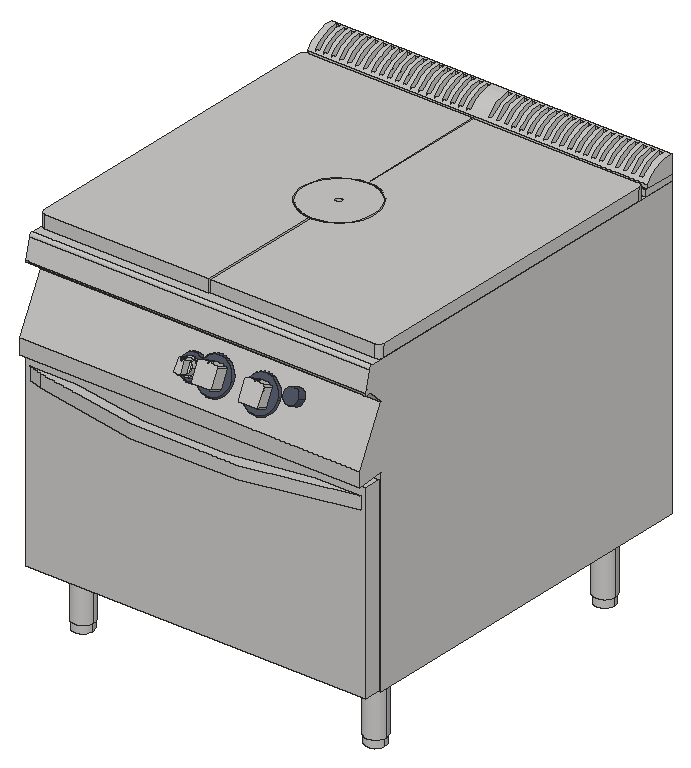
Revit family "QF_ZANUSSI_392019_Z9STGH10G0", category Specialty Equipment, Revit 2018
Family settings
  Round Connector Dimension = Use Diameter
  Part Type = Normal
  Work Plane-Based = No
  Always vertical = Yes
  Cut with Voids When Loaded = No
  Shared = No
  Room Calculation Point = No
Parameters
  Width = 800 mm  # constant formula
  Weight in Pounds = 171  # constant formula
  Weight = 0.00 kg
  Watts = 0 W
  Volts = 0 V
  URL Manufacturer = "http://www.zanussiprofessional.com"
  URL Cutsheet = "www.electrolux.com"
  URL = "http://www.zanussiprofessional.com"
  Type Mark [instance] = ""
  Steam Supply Size = 0"
  Steam Supply Minimum Pressure = 0.00 psi
  Steam Supply Maximum Pressure = 0.00 psi
  Steam Pounds per Hour = 0
  Status [instance] = ""
  Specification by User [instance] = ""
  Specification by Manufacturer = ""
  Show Logo [instance] = yes
  Show Clearance [instance] = yes
  Serial Number = ""
  Seismic Rating = ""
  SMACNA No = ""
  Revision Code [instance] = ""
  Refrigeration Suction Line Size = 0"
  Refrigeration Liquid Line Size = 0"
  Refrigerant Compressor Remote = yes
  Phase = 0
  Omniclass Number and Title = ""
  NAFEM Spec ID Number = ""
  Model = "Z9STGH10G0"
  Mechanical Remarks [instance] = ""
  Mechanical Connection Type [instance] = ""
  Masterspec = ""
  Manufacturer = "Zanussi"
  Length Actual = 800 mm  # constant formula
  Item Number [instance] = "392019"
  Installed By [instance] = ""
  Identify Quantity as Lot [instance] = yes
  Hot Water Size = 0"
  Height Actual = 850 mm  # constant formula
  Height = 908 mm  # constant formula
  HP = "0 HP"
  Gas Size = 1/2"  # constant formula
  Gas RI Height [instance] = 0 mm
  Gas KW [instance] = 19  # constant formula
  Gas Input [instance] = 0.637167 Btu/h
  Gas Connection Height = 0 mm
  Furnished By [instance] = ""
  Foodservice Equipment Identifier [instance] = yes
  Direct Waste Size = 0"
  Description = "GAS SOLID TOP + OVEN 800 MM"
  Depth Actual = 900 mm  # constant formula
  Depth = 900 mm  # constant formula
  Cycle = 0 Hz
  Condensate Return Size = 0"
  Compressed Air Volume = 0 GPM
  Compressed Air Size = 0"
  Compressed Air Pressure = 0.00 psi
  Cold Water Size = 0"
  CSI MasterFormat = ""
  CSI Master Format = ""
  Assembly Code = ""
  Accessory = yes
Reference planes
  plane 1 "BACK": y = 0
  plane 2: z = 0
  plane 3 "LEFT": x = 0
  plane 4 "RIGHT": x = 800
  plane 5 "FRONT": y = -915
  plane 6 "TOP": z = 909
  plane 7 "Center Y": x = 400
  plane 8 "Center X": y = -457.5
  plane 9 "Base": z = 150
  plane 10: z = 850.85
  plane 11: y = -1030
  plane 12: y = -1309
  plane 13: x = 56
  plane 14: x = 744
  plane 15: y = -126
  plane 16: y = -800
  plane 17: x = 780.125
  plane 18: x = 19.875
  plane 19: y = -664
Forms (mm)
  Revolve 1, solid, material "QF_Finishes_Stainless Steel"
    sketch origin (1, -126, 0) x (1, 0, 0) y (0, 0, 1)
      loop
        line (55, 0) -> (55, 150) -> (29.6, 150) -> (29.6, 19.05) -> (32.1, 19.05) -> (32.1, 0) -> (55, 0)
      axis (55, 0) -> (55, 150)
    angle from 0 to 360
  Revolve 2, solid, material "QF_Finishes_Stainless Steel"
    sketch origin (1, -800, 0) x (1, 0, 0) y (0, 0, 1)
      loop
        line (55, 0) -> (55, 150) -> (29.6, 150) -> (29.6, 19.05) -> (32.1, 19.05) -> (32.1, 0) -> (55, 0)
      axis (55, 0) -> (55, 150)
    angle from 0 to 360
  Revolve 3, solid, material "QF_Finishes_Stainless Steel"
    sketch origin (799, -126, 0) x (-1, 0, 0) y (0, 0, -1)
      loop
        line (55, 0) -> (32.1, 0) -> (32.1, -19.05) -> (29.6, -19.05) -> (29.6, -150) -> (55, -150) -> (55, 0)
      axis (55, 0) -> (55, -150)
    angle from 0 to 360
  Revolve 4, solid, material "QF_Finishes_Stainless Steel"
    sketch origin (799, -800, 0) x (-1, 0, 0) y (0, 0, -1)
      loop
        line (55, 0) -> (32.1, 0) -> (32.1, -19.05) -> (29.6, -19.05) -> (29.6, -150) -> (55, -150) -> (55, 0)
      axis (55, 0) -> (55, -150)
    angle from 0 to 360
  Extrusion 5, solid, material "QF_Finishes_Stainless Steel"
    sketch origin (0, 0, 0) x (0, 1, 0) y (0, 0, 1)
      loop
        line (0, 850) -> (-879.358, 850)
        arc (-879.358, 850) -> (-884.643, 847.811) -> (-886.833, 842.526) r 7.474
        line (-886.833, 842.526) -> (-899.884, 797.011)
        arc (-899.884, 797.011) -> (-899.396, 794.379) -> (-897, 793.184) r 3
        line (-897, 793.184) -> (-886.802, 793.184) -> (-854.982, 761.364) -> (-915, 640.508) -> (-915, 605.508) -> (-858.645, 613.428)
        arc (-858.645, 613.428) -> (-856.101, 612.674) -> (-855, 610.259) r 3.2
        line (-855, 610.259) -> (-855, 150) -> (0, 150) -> (0, 850)
      loop
        line (-900, 600) -> (-900, 155) -> (-860, 155) -> (-860, 600) -> (-900, 600)
    from 0 to 800
  Extrusion 6, solid, material "QF_Finishes_Stainless Steel"
    sketch origin (0, 0, 576.213) x (0, 1, 0) y (0, 0, 1)
      loop
        line (0, 274.638) -> (0, 288.925) -> (-76.2, 288.925) -> (-76.2, 274.638) -> (0, 274.638)
    from 0 to 800
  Extrusion 7, void
    sketch origin (34.989, 0, 865.138) x (-1, 0, 0) y (0, -1, 0)
      loop
        line (-335.017, 6.761) -> (-335.017, 63.911) -> (-344.313, 63.911) -> (-344.313, 6.761) -> (-335.017, 6.761)
      loop
        line (-316.325, 6.761) -> (-316.325, 63.911) -> (-325.62, 63.911) -> (-325.62, 6.761) -> (-316.325, 6.761)
      loop
        line (-297.632, 6.761) -> (-297.632, 63.911) -> (-306.928, 63.911) -> (-306.928, 6.761) -> (-297.632, 6.761)
      loop
        line (-278.94, 6.761) -> (-278.94, 63.911) -> (-288.235, 63.911) -> (-288.235, 6.761) -> (-278.94, 6.761)
      loop
        line (-260.247, 6.761) -> (-260.247, 63.911) -> (-269.543, 63.911) -> (-269.543, 6.761) -> (-260.247, 6.761)
      loop
        line (-241.554, 6.761) -> (-241.554, 63.911) -> (-250.85, 63.911) -> (-250.85, 6.761) -> (-241.554, 6.761)
      loop
        line (-222.862, 6.761) -> (-222.862, 63.911) -> (-232.157, 63.911) -> (-232.157, 6.761) -> (-222.862, 6.761)
      loop
        line (-204.169, 6.761) -> (-204.169, 63.911) -> (-213.465, 63.911) -> (-213.465, 6.761) -> (-204.169, 6.761)
      loop
        line (-185.476, 6.761) -> (-185.476, 63.911) -> (-194.772, 63.911) -> (-194.772, 6.761) -> (-185.476, 6.761)
      loop
        line (-166.784, 6.761) -> (-166.784, 63.911) -> (-176.08, 63.911) -> (-176.08, 6.761) -> (-166.784, 6.761)
      loop
        line (-148.091, 6.761) -> (-148.091, 63.911) -> (-157.387, 63.911) -> (-157.387, 6.761) -> (-148.091, 6.761)
      loop
        line (-129.399, 6.761) -> (-129.399, 63.911) -> (-138.694, 63.911) -> (-138.694, 6.761) -> (-129.399, 6.761)
      loop
        line (-110.706, 6.761) -> (-110.706, 63.911) -> (-120.002, 63.911) -> (-120.002, 6.761) -> (-110.706, 6.761)
      loop
        line (-92.013, 6.761) -> (-92.013, 63.911) -> (-101.309, 63.911) -> (-101.309, 6.761) -> (-92.013, 6.761)
      loop
        line (-73.321, 6.761) -> (-73.321, 63.911) -> (-82.617, 63.911) -> (-82.617, 6.761) -> (-73.321, 6.761)
      loop
        line (-54.628, 6.761) -> (-54.628, 63.911) -> (-63.924, 63.911) -> (-63.924, 6.761) -> (-54.628, 6.761)
      loop
        line (-35.936, 6.761) -> (-35.936, 63.911) -> (-45.231, 63.911) -> (-45.231, 6.761) -> (-35.936, 6.761)
      loop
        line (-17.243, 6.761) -> (-17.243, 63.911) -> (-26.539, 63.911) -> (-26.539, 6.761) -> (-17.243, 6.761)
      loop
        line (1.45, 6.761) -> (1.45, 63.911) -> (-7.846, 63.911) -> (-7.846, 6.761) -> (1.45, 6.761)
      loop
        line (20.142, 6.761) -> (20.142, 63.911) -> (10.846, 63.911) -> (10.846, 6.761) -> (20.142, 6.761)
      loop
        line (-395.005, 6.761) -> (-385.709, 6.761) -> (-385.709, 63.911) -> (-395.005, 63.911) -> (-395.005, 6.761)
      loop
        line (-413.697, 6.761) -> (-404.401, 6.761) -> (-404.401, 63.911) -> (-413.697, 63.911) -> (-413.697, 6.761)
      loop
        line (-432.39, 6.761) -> (-423.094, 6.761) -> (-423.094, 63.911) -> (-432.39, 63.911) -> (-432.39, 6.761)
      loop
        line (-451.082, 6.761) -> (-441.787, 6.761) -> (-441.787, 63.911) -> (-451.082, 63.911) -> (-451.082, 6.761)
      loop
        line (-469.775, 6.761) -> (-460.479, 6.761) -> (-460.479, 63.911) -> (-469.775, 63.911) -> (-469.775, 6.761)
      loop
        line (-488.468, 6.761) -> (-479.172, 6.761) -> (-479.172, 63.911) -> (-488.468, 63.911) -> (-488.468, 6.761)
      loop
        line (-507.16, 6.761) -> (-497.864, 6.761) -> (-497.864, 63.911) -> (-507.16, 63.911) -> (-507.16, 6.761)
      loop
        line (-525.853, 6.761) -> (-516.557, 6.761) -> (-516.557, 63.911) -> (-525.853, 63.911) -> (-525.853, 6.761)
      loop
        line (-544.545, 6.761) -> (-535.25, 6.761) -> (-535.25, 63.911) -> (-544.545, 63.911) -> (-544.545, 6.761)
      loop
        line (-563.238, 6.761) -> (-553.942, 6.761) -> (-553.942, 63.911) -> (-563.238, 63.911) -> (-563.238, 6.761)
      loop
        line (-581.931, 6.761) -> (-572.635, 6.761) -> (-572.635, 63.911) -> (-581.931, 63.911) -> (-581.931, 6.761)
      loop
        line (-600.623, 6.761) -> (-591.328, 6.761) -> (-591.328, 63.911) -> (-600.623, 63.911) -> (-600.623, 6.761)
      loop
        line (-619.316, 6.761) -> (-610.02, 6.761) -> (-610.02, 63.911) -> (-619.316, 63.911) -> (-619.316, 6.761)
      loop
        line (-638.008, 6.761) -> (-628.713, 6.761) -> (-628.713, 63.911) -> (-638.008, 63.911) -> (-638.008, 6.761)
      loop
        line (-656.701, 6.761) -> (-647.405, 6.761) -> (-647.405, 63.911) -> (-656.701, 63.911) -> (-656.701, 6.761)
      loop
        line (-675.394, 6.761) -> (-666.098, 6.761) -> (-666.098, 63.911) -> (-675.394, 63.911) -> (-675.394, 6.761)
      loop
        line (-694.086, 6.761) -> (-684.791, 6.761) -> (-684.791, 63.911) -> (-694.086, 63.911) -> (-694.086, 6.761)
      loop
        line (-712.779, 6.761) -> (-703.483, 6.761) -> (-703.483, 63.911) -> (-712.779, 63.911) -> (-712.779, 6.761)
      loop
        line (-731.472, 6.761) -> (-722.176, 6.761) -> (-722.176, 63.911) -> (-731.472, 63.911) -> (-731.472, 6.761)
      loop
        line (-750.164, 6.761) -> (-740.868, 6.761) -> (-740.868, 63.911) -> (-750.164, 63.911) -> (-750.164, 6.761)
    from 9.525 to 45.348
  Extrusion 8, solid, material "QF_Finishes_Stainless Steel"
    sketch origin (0, 0, 590.5) x (0, 1, 0) y (0, 0, 1)
      loop
        line (0, 274.638) -> (0, 318.5)
        arc (0, 318.5) -> (-39.107, 309.837) -> (-69.85, 284.162) r 84.633
        line (-69.85, 284.162) -> (-69.85, 274.638) -> (0, 274.638)
    from 0 to 800
  Extrusion 9, solid, material "QF_Finishes_Stainless Steel"
    sketch origin (0, 0, 850.85) x (0, -1, 0) y (1, 0, 0)
      loop
        arc (82.3, 12.7) -> (86.02, 3.72) -> (95, 0) r 12.7
        line (95, 0) -> (844.471, 0)
        arc (844.471, 0) -> (853.451, 3.72) -> (857.171, 12.7) r 12.7
        line (857.171, 12.7) -> (857.171, 398.413) -> (562.874, 398.413)
        arc (562.874, 398.413) -> (477.319, 314.787) -> (391.918, 398.571) r 85.497
        line (391.918, 398.571) -> (82.3, 398.571) -> (82.3, 12.7)
      loop
        arc (857.171, 787.3) -> (853.451, 796.28) -> (844.471, 800) r 12.7
        line (844.471, 800) -> (95, 800)
        arc (95, 800) -> (86.02, 796.28) -> (82.3, 787.3) r 12.7
        line (82.3, 787.3) -> (82.3, 401.528) -> (391.912, 401.528)
        arc (391.912, 401.528) -> (477.639, 485.459) -> (562.891, 401.047) r 85.5
        line (562.891, 401.047) -> (857.171, 401.047) -> (857.171, 787.3)
      loop
        circle (477.399, 400) r 82.6
      loop
        circle (477.399, 400) r 7
    from 0 to 28.575
  Extrusion 10, solid, material "QF_Finishes_Stainless Steel"
    sketch origin (0, -852.093, 150) x (1, 0, 0) y (0, -1, 0)
      loop
        circle (747.612, -188.093) r 6.4
    from 0 to 21
  Extrusion 11, solid, material "QF_Clearances", visible <- "Show Clearance", detail levels coarse
    sketch origin (0, 0, 0) x (1, 0, 0) y (0, 1, 0)
      loop
        line (-100, -915) -> (0, -915) -> (0, 0) -> (800, 0) -> (800, -915) -> (900, -915) -> (900, 100) -> (-100, 100) -> (-100, -915)
    from 0 to 908
  Blend 12, solid, material "QF_Finishes_Navy Blue"
    base sketch origin (435.05, -884.991, 700.936) x (1, 0, 0) y (0, 0.444781, 0.895639)
      loop
        arc (-35.05, -24.037) -> (42.5, 0) -> (-35.05, 24.037) r 42.5
        arc (-35.05, 24.037) -> (-83, 0) -> (-35.05, -24.037) r 30
    top sketch origin (435.05, -884.991, 700.936) x (1, 0, 0) y (0, 0.444781, 0.895639)
      loop
        arc (-34.578, -21.086) -> (40.5, 0) -> (-34.578, 21.086) r 40.5
        arc (-34.578, 21.086) -> (-81, 0) -> (-34.578, -21.086) r 28
    from 0 to 5
  Extrusion 13, solid, material "QF_Finishes_Stainless Steel"
    sketch origin (202.55, -884.991, 700.936) x (1, 0, 0) y (0, 0.444781, 0.895639)
      loop
        circle (177.499, -0.341) r 20
    from 5 to 10
  Extrusion 14, solid, material "QF_Finishes_Stainless Steel"
    sketch origin (202.55, -884.991, 700.936) x (1, 0, 0) y (0, 0.444781, 0.895639)
      loop
        arc (211.353, 22.789) -> (210.006, 21.685) -> (209.5, 20.019) r 2.997
        line (209.5, 20.019) -> (209.5, -20.019)
        arc (209.5, -20.019) -> (210.378, -22.138) -> (212.497, -23.016) r 2.997
        line (212.497, -23.016) -> (252.503, -23.016)
        arc (252.503, -23.016) -> (254.622, -22.138) -> (255.5, -20.019) r 2.997
        line (255.5, -20.019) -> (255.5, 20.019)
        arc (255.5, 20.019) -> (254.994, 21.685) -> (253.647, 22.789) r 2.997
        arc (253.647, 22.789) -> (232.5, 26.984) -> (211.353, 22.789) r 55.4
    from 5 to 34
  Extrusion 15, solid, material "QF_Finishes_Stainless Steel"
    sketch origin (202.55, -884.991, 700.936) x (1, 0, 0) y (0, 0.444781, 0.895639)
      loop
        circle (177.499, -0.341) r 16
    from 10 to 40
  Extrusion 16, void
    sketch origin (435.05, -884.991, 700.936) x (1, 0, 0) y (0, -0.895639, 0.444781)
      loop
        line (-62.999, 24.837) -> (-62.999, 40) -> (-71.893, 40) -> (-71.893, 22) -> (-65.835, 22)
        arc (-65.835, 22) -> (-63.827, 22.828) -> (-62.999, 24.837) r 2.827
      loop
        arc (-47.003, 24.837) -> (-46.175, 22.828) -> (-44.167, 22) r 2.827
        line (-44.167, 22) -> (-38.109, 22) -> (-38.109, 40) -> (-47.003, 40) -> (-47.003, 24.837)
    from -20.019 to 20.019
  Extrusion 17, solid, material "QF_Plastic-Black-Matte"
    sketch origin (492.55, -884.991, 700.936) x (0, 0.444781, 0.895639) y (0, -0.895639, 0.444781)
      loop
        line (26.984, 34) -> (26.984, 19) -> (27.984, 19) -> (27.984, 34)
        arc (27.984, 34) -> (27.691, 34.707) -> (26.984, 35) r 1
        line (26.984, 35) -> (23.984, 35) -> (23.984, 34) -> (26.984, 34)
    from -58.5 to -56.5
  Extrusion 18, solid, material "QF_Plastic-Black-Matte"
    sketch origin (380.048, -1018.425, 432.244) x (0, -0.444781, -0.895639) y (0, -0.895639, 0.444781)
      loop
        line (-310.284, 39.984) -> (-310.284, 40.984) -> (-312.9, 40.984)
        arc (-312.9, 40.984) -> (-315.562, 39.882) -> (-316.664, 37.22) r 3.764
        line (-316.664, 37.22) -> (-316.664, 25.027) -> (-315.664, 25.027) -> (-315.664, 37.22)
        arc (-315.664, 37.22) -> (-314.855, 39.175) -> (-312.9, 39.984) r 2.764
        line (-312.9, 39.984) -> (-310.284, 39.984)
    from 1 to -1
  Blend 19, solid, material "QF_Finishes_Navy Blue"
    base sketch origin (544.55, -884.991, 700.936) x (1, 0, 0) y (0, 0.444781, 0.895639)
      loop
        circle (0, 0) r 42.5
    top sketch origin (544.55, -884.991, 700.936) x (1, 0, 0) y (0, 0.444781, 0.895639)
      loop
        circle (0, 0) r 40.5
    from 0 to 5
  Extrusion 20, solid, material "QF_Finishes_Stainless Steel"
    sketch origin (544.55, -884.991, 700.936) x (1, 0, 0) y (0, 0.444781, 0.895639)
      loop
        arc (-21.147, 22.789) -> (-22.494, 21.685) -> (-23, 20.019) r 2.997
        line (-23, 20.019) -> (-23, -20.019)
        arc (-23, -20.019) -> (-22.122, -22.138) -> (-20.003, -23.016) r 2.997
        line (-20.003, -23.016) -> (20.003, -23.016)
        arc (20.003, -23.016) -> (22.122, -22.138) -> (23, -20.019) r 2.997
        line (23, -20.019) -> (23, 20.019)
        arc (23, 20.019) -> (22.494, 21.685) -> (21.147, 22.789) r 2.997
        arc (21.147, 22.789) -> (0, 26.984) -> (-21.147, 22.789) r 55.4
    from 10 to 34
  Extrusion 21, solid, material "QF_Finishes_Stainless Steel"
    sketch origin (544.55, -884.991, 700.936) x (1, 0, 0) y (0, 0.444781, 0.895639)
      loop
        line (17.5, 17.5) -> (-17.5, 17.5) -> (-17.5, -17.5) -> (17.5, -17.5) -> (17.5, 17.5)
    from 5 to 10
  Extrusion 22, solid, material "QF_Plastic-Black-Matte"
    sketch origin (487.05, -884.991, 700.936) x (0, 0.444781, 0.895639) y (0, 0.895639, -0.444781)
      loop
        line (26.984, -34) -> (23.984, -34) -> (23.984, -35) -> (26.984, -35)
        arc (26.984, -35) -> (27.691, -34.707) -> (27.984, -34) r 1
        line (27.984, -34) -> (27.984, -19) -> (26.984, -19) -> (26.984, -34)
    from -58.5 to -56.5
  Extrusion 23, solid, material "QF_Finishes_Navy Blue"
    sketch origin (677.524, -876.095, 718.849) x (1, 0, 0) y (0, 0.444781, 0.895639)
      loop
        circle (-55.001, 0) r 18
    from 3 to 23
  Extrusion 24, solid, material "QF_Finishes_Stainless Steel"
    sketch origin (538.523, -876.095, 718.849) x (1, 0, 0) y (0, 0.444781, 0.895639)
      loop
        circle (84, 0) r 15
    from 3 to 0
  Extrusion 25, solid, material "QF_Finishes_Door Clearance", visible <- "Show Clearance", detail levels coarse
    sketch origin (0, -200, 0) x (0, 1, 0) y (0, 0, 1)
      loop
        arc (-700, 600) -> (-991.621, 457.58) -> (-1108.972, 155) r 445
        line (-1108.972, 155) -> (-700, 155) -> (-700, 600)
    from 0 to 800
  Extrusion 26, solid, material "QF_Finishes_Stainless Steel"
    sketch origin (0, -200, 150) x (-1, 0, 0) y (0, -1, 0)
      loop
        line (-790, 700) -> (-696.395, 700)
        arc (-696.395, 700) -> (-400, 735) -> (-103.605, 700) r 1272.5
        line (-103.605, 700) -> (-10, 700)
        arc (-10, 700) -> (-27.217, 705.295) -> (-44.506, 710.35) r 1297.5
        arc (-44.506, 710.35) -> (-418.013, 759.875) -> (-790, 700) r 1297.5
    from 400 to 430
Cuts and joins
  Extrusion 7 cuts Extrusion 8
  Extrusion 16 cuts Extrusion 15
Lines and regions (mm)
  Split face 1
    outline origin (435.05, -889.469, 703.16) x (1, 0, 0) y (0, 0.444781, 0.895639)
      loop
        circle (0, 33) r 1
  Split face 2
    outline origin (435.05, -889.469, 703.16) x (1, 0, 0) y (0, 0.444781, 0.895639)
      loop
        circle (-8.541, 31.876) r 1
  Split face 3
    outline origin (435.05, -889.469, 703.16) x (1, 0, 0) y (0, 0.444781, 0.895639)
      loop
        circle (-16.5, 28.579) r 1
  Split face 4
    outline origin (435.05, -889.469, 703.16) x (1, 0, 0) y (0, 0.444781, 0.895639)
      loop
        circle (-23.335, 23.335) r 1
  Split face 5
    outline origin (435.05, -889.469, 703.16) x (1, 0, 0) y (0, 0.444781, 0.895639)
      loop
        circle (-28.579, 16.5) r 1
  Split face 6
    outline origin (435.05, -889.469, 703.16) x (1, 0, 0) y (0, 0.444781, 0.895639)
      loop
        circle (-31.876, 8.541) r 1
  Split face 7
    outline origin (435.05, -889.469, 703.16) x (1, 0, 0) y (0, 0.444781, 0.895639)
      loop
        circle (-33, 0) r 1
  Split face 8
    outline origin (435.05, -889.469, 703.16) x (-1, 0, 0) y (0, 0.444781, 0.895639)
      loop
        circle (-8.541, 31.876) r 1
  Split face 9
    outline origin (435.05, -889.469, 703.16) x (-1, 0, 0) y (0, 0.444781, 0.895639)
      loop
        circle (-16.5, 28.579) r 1
  Split face 10
    outline origin (435.05, -889.469, 703.16) x (-1, 0, 0) y (0, 0.444781, 0.895639)
      loop
        circle (-23.335, 23.335) r 1
  Split face 11
    outline origin (435.05, -889.469, 703.16) x (-1, 0, 0) y (0, 0.444781, 0.895639)
      loop
        circle (-28.579, 16.5) r 1
  Split face 12
    outline origin (435.05, -889.469, 703.16) x (-1, 0, 0) y (0, 0.444781, 0.895639)
      loop
        circle (-31.876, 8.541) r 1
  Split face 13
    outline origin (435.05, -889.469, 703.16) x (1, 0, 0) y (0, -0.444781, -0.895639)
      loop
        circle (0, 33) r 1
  Split face 14
    outline origin (435.05, -889.469, 703.16) x (1, 0, 0) y (0, -0.444781, -0.895639)
      loop
        circle (-8.541, 31.876) r 1
  Split face 15
    outline origin (435.05, -889.469, 703.16) x (1, 0, 0) y (0, -0.444781, -0.895639)
      loop
        circle (-16.5, 28.579) r 1
  Split face 16
    outline origin (435.05, -889.469, 703.16) x (1, 0, 0) y (0, -0.444781, -0.895639)
      loop
        circle (-23.335, 23.335) r 1
  Split face 17
    outline origin (435.05, -889.469, 703.16) x (1, 0, 0) y (0, -0.444781, -0.895639)
      loop
        circle (-28.579, 16.5) r 1
  Split face 18
    outline origin (435.05, -889.469, 703.16) x (1, 0, 0) y (0, -0.444781, -0.895639)
      loop
        circle (-31.876, 8.541) r 1
  Split face 19
    outline origin (435.05, -889.469, 703.16) x (-1, 0, 0) y (0, -0.444781, -0.895639)
      loop
        circle (-8.541, 31.876) r 1
  Split face 20
    outline origin (435.05, -889.469, 703.16) x (-1, 0, 0) y (0, -0.444781, -0.895639)
      loop
        circle (-16.5, 28.579) r 1
  Split face 21
    outline origin (435.05, -889.469, 703.16) x (-1, 0, 0) y (0, -0.444781, -0.895639)
      loop
        circle (-23.335, 23.335) r 1
  Split face 22
    outline origin (435.05, -889.469, 703.16) x (-1, 0, 0) y (0, -0.444781, -0.895639)
      loop
        circle (-28.579, 16.5) r 1
  Split face 23
    outline origin (435.05, -889.469, 703.16) x (-1, 0, 0) y (0, -0.444781, -0.895639)
      loop
        circle (-31.876, 8.541) r 1
  Split face 24
    outline origin (435.05, -889.469, 703.16) x (1, 0, 0) y (0, 0.444781, 0.895639)
      loop
        circle (33, 0) r 1
  Split face 25
    outline origin (435.05, -889.469, 703.16) x (1, 0, 0) y (0, 0.444781, 0.895639)
      loop
        circle (-55.001, 22) r 1.508
  Split face 26
    outline origin (436.176, -885.216, 711.725) x (1, 0, 0) y (0, 0.444781, 0.895639)
      loop
        circle (-77.001, 0) r 1.343
  Split face 27
    outline origin (435.05, -889.469, 703.16) x (1, 0, 0) y (0, 0.444781, 0.895639)
      loop
        line (-56.273, -20.786) -> (-56.273, -25.164) -> (-53.729, -25.164) -> (-53.729, -20.786) -> (-56.273, -20.786)
  Split face 28
    outline origin (435.05, -889.469, 703.16) x (1, 0, 0) y (0, 0.444781, 0.895639)
      loop
        line (-70.261, 16.732) -> (-67.433, 19.559) -> (-71.077, 17.548) -> (-70.261, 16.732)
  Split face 29
    outline origin (544.55, -889.469, 703.16) x (1, 0, 0) y (0, 0.444781, 0.895639)
      loop
        circle (-30.633, -14.752) r 1.5
  Split face 30
    outline origin (544.55, -889.469, 703.16) x (1, 0, 0) y (0, 0.444781, 0.895639)
      loop
        circle (-21.199, -26.582) r 1.5
  Split face 31
    outline origin (544.55, -889.469, 703.16) x (1, 0, 0) y (0, 0.444781, 0.895639)
      loop
        circle (-7.566, -33.148) r 1.5
  Split face 32
    outline origin (544.55, -889.469, 703.16) x (1, 0, 0) y (0, 0.444781, 0.895639)
      loop
        circle (7.566, -33.148) r 1.5
  Split face 33
    outline origin (544.55, -889.469, 703.16) x (1, 0, 0) y (0, 0.444781, 0.895639)
      loop
        circle (21.199, -26.582) r 1.5
  Split face 34
    outline origin (544.55, -889.469, 703.16) x (1, 0, 0) y (0, 0.444781, 0.895639)
      loop
        circle (30.633, -14.752) r 1.5
  Split face 35
    outline origin (544.55, -889.469, 703.16) x (1, 0, 0) y (0, 0.444781, 0.895639)
      loop
        circle (34, 0) r 1.5
  Split face 36
    outline origin (544.55, -889.469, 703.16) x (1, 0, 0) y (0, 0.444781, 0.895639)
      loop
        circle (-21.199, 26.582) r 2.5
  Split face 37
    outline origin (544.55, -889.469, 703.16) x (1, 0, 0) y (0, 0.444781, 0.895639)
      loop
        circle (0, 35.811) r 2.031
  Split face 38
    outline origin (544.55, -889.469, 703.16) x (1, 0, 0) y (0, -0.444781, -0.895639)
      loop
        circle (30.633, -14.752) r 1.5
  Split face 39
    outline origin (544.55, -889.469, 703.16) x (1, 0, 0) y (0, -0.444781, -0.895639)
      loop
        circle (21.199, -26.582) r 1.5
  symbolic lines
    curve 1: line (0, 0, 150) -> (0, -930, 150)
    curve 2: line (0, -95, 150) -> (0, -844.471, 150)
    curve 3: arc (0, -844.471, 150) -> (3.72, -853.451, 150) -> (12.7, -857.171, 150) r 12.7
    curve 4: line (12.7, -857.171, 150) -> (398.413, -857.171, 150)
    curve 5: line (398.413, -857.171, 150) -> (398.413, -562.874, 150)
    curve 6: arc (398.413, -562.874, 150) -> (314.787, -477.319, 150) -> (398.571, -391.918, 150) r 85.497
    curve 7: line (398.571, -391.918, 150) -> (398.571, -82.3, 150)
    curve 8: line (398.571, -82.3, 150) -> (12.7, -82.3, 150)
    curve 9: arc (12.7, -82.3, 150) -> (3.72, -86.02, 150) -> (0, -95, 150) r 12.7
    curve 10: line (800, -844.471, 150) -> (800, -95, 150)
    curve 11: arc (800, -95, 150) -> (796.28, -86.02, 150) -> (787.3, -82.3, 150) r 12.7
    curve 12: line (787.3, -82.3, 150) -> (401.528, -82.3, 150)
    curve 13: line (401.528, -82.3, 150) -> (401.528, -391.912, 150)
    curve 14: arc (401.528, -391.912, 150) -> (485.46, -477.517, 150) -> (401.289, -562.888, 150) r 85.5
    curve 15: line (401.289, -562.888, 150) -> (401.289, -857.171, 150)
    curve 16: line (401.289, -857.171, 150) -> (787.3, -857.171, 150)
    curve 17: arc (787.3, -857.171, 150) -> (796.28, -853.451, 150) -> (800, -844.471, 150) r 12.7
    curve 18: arc (400, -394.799, 150) -> (317.4, -477.399, 150) -> (400, -559.999, 150) r 82.6
    curve 19: arc (400, -559.999, 150) -> (482.6, -477.399, 150) -> (400, -394.799, 150) r 82.6
    curve 20: arc (400, -470.399, 150) -> (407, -477.399, 150) -> (400, -484.399, 150) r 7
    curve 21: arc (400, -484.399, 150) -> (393, -477.399, 150) -> (400, -470.399, 150) r 7
    curve 22: line (0, -69.85, 150) -> (800, -69.85, 150)
    curve 23: line (0, -76.2, 150) -> (800, -76.2, 150)
    curve 24: line (800, -930, 150) -> (800, 0, 150)
    curve 25: line (0, 0, 150) -> (800, 0, 150)
    curve 26: line (24.143, -6.761, 150) -> (24.143, -63.911, 150)
    curve 27: line (24.143, -63.911, 150) -> (14.847, -63.911, 150)
    curve 28: line (14.847, -63.911, 150) -> (14.847, -6.761, 150)
    curve 29: line (14.847, -6.761, 150) -> (24.143, -6.761, 150)
    curve 30: line (379.302, -6.761, 150) -> (379.302, -63.911, 150)
    curve 31: line (379.302, -63.911, 150) -> (370.006, -63.911, 150)
    curve 32: line (370.006, -63.911, 150) -> (370.006, -6.761, 150)
    curve 33: line (370.006, -6.761, 150) -> (379.302, -6.761, 150)
    curve 34: line (429.994, -6.761, 150) -> (429.994, -63.911, 150)
    curve 35: line (429.994, -63.911, 150) -> (420.698, -63.911, 150)
    curve 36: line (420.698, -63.911, 150) -> (420.698, -6.761, 150)
    curve 37: line (420.698, -6.761, 150) -> (429.994, -6.761, 150)
    curve 38: line (360.61, -6.761, 150) -> (360.61, -63.911, 150)
    curve 39: line (360.61, -63.911, 150) -> (351.314, -63.911, 150)
    curve 40: line (351.314, -63.911, 150) -> (351.314, -6.761, 150)
    curve 41: line (351.314, -6.761, 150) -> (360.61, -6.761, 150)
    curve 42: line (341.917, -6.761, 150) -> (341.917, -63.911, 150)
    curve 43: line (341.917, -63.911, 150) -> (332.621, -63.911, 150)
    curve 44: line (332.621, -63.911, 150) -> (332.621, -6.761, 150)
    curve 45: line (332.621, -6.761, 150) -> (341.917, -6.761, 150)
    curve 46: line (323.224, -6.761, 150) -> (323.224, -63.911, 150)
    curve 47: line (323.224, -63.911, 150) -> (313.929, -63.911, 150)
    curve 48: line (313.929, -63.911, 150) -> (313.929, -6.761, 150)
    curve 49: line (313.929, -6.761, 150) -> (323.224, -6.761, 150)
    curve 50: line (304.532, -6.761, 150) -> (304.532, -63.911, 150)
    curve 51: line (304.532, -63.911, 150) -> (295.236, -63.911, 150)
    curve 52: line (295.236, -63.911, 150) -> (295.236, -6.761, 150)
    curve 53: line (295.236, -6.761, 150) -> (304.532, -6.761, 150)
    curve 54: line (285.839, -6.761, 150) -> (285.839, -63.911, 150)
    curve 55: line (285.839, -63.911, 150) -> (276.543, -63.911, 150)
    curve 56: line (276.543, -63.911, 150) -> (276.543, -6.761, 150)
    curve 57: line (276.543, -6.761, 150) -> (285.839, -6.761, 150)
    curve 58: line (267.146, -6.761, 150) -> (267.146, -63.911, 150)
    curve 59: line (267.146, -63.911, 150) -> (257.851, -63.911, 150)
    curve 60: line (257.851, -63.911, 150) -> (257.851, -6.761, 150)
    curve 61: line (257.851, -6.761, 150) -> (267.146, -6.761, 150)
    curve 62: line (248.454, -6.761, 150) -> (248.454, -63.911, 150)
    curve 63: line (248.454, -63.911, 150) -> (239.158, -63.911, 150)
    curve 64: line (239.158, -63.911, 150) -> (239.158, -6.761, 150)
    curve 65: line (239.158, -6.761, 150) -> (248.454, -6.761, 150)
    curve 66: line (229.761, -6.761, 150) -> (229.761, -63.911, 150)
    curve 67: line (229.761, -63.911, 150) -> (220.466, -63.911, 150)
    curve 68: line (220.466, -63.911, 150) -> (220.466, -6.761, 150)
    curve 69: line (220.466, -6.761, 150) -> (229.761, -6.761, 150)
    curve 70: line (211.069, -6.761, 150) -> (211.069, -63.911, 150)
    curve 71: line (211.069, -63.911, 150) -> (201.773, -63.911, 150)
    curve 72: line (201.773, -63.911, 150) -> (201.773, -6.761, 150)
    curve 73: line (201.773, -6.761, 150) -> (211.069, -6.761, 150)
    curve 74: line (192.376, -6.761, 150) -> (192.376, -63.911, 150)
    curve 75: line (192.376, -63.911, 150) -> (183.08, -63.911, 150)
    curve 76: line (183.08, -63.911, 150) -> (183.08, -6.761, 150)
    curve 77: line (183.08, -6.761, 150) -> (192.376, -6.761, 150)
    curve 78: line (173.683, -6.761, 150) -> (173.683, -63.911, 150)
    curve 79: line (173.683, -63.911, 150) -> (164.388, -63.911, 150)
    curve 80: line (164.388, -63.911, 150) -> (164.388, -6.761, 150)
    curve 81: line (164.388, -6.761, 150) -> (173.683, -6.761, 150)
    curve 82: line (154.991, -6.761, 150) -> (154.991, -63.911, 150)
    curve 83: line (154.991, -63.911, 150) -> (145.695, -63.911, 150)
    curve 84: line (145.695, -63.911, 150) -> (145.695, -6.761, 150)
    curve 85: line (145.695, -6.761, 150) -> (154.991, -6.761, 150)
    curve 86: line (136.298, -6.761, 150) -> (136.298, -63.911, 150)
    curve 87: line (136.298, -63.911, 150) -> (127.002, -63.911, 150)
    curve 88: line (127.002, -63.911, 150) -> (127.002, -6.761, 150)
    curve 89: line (127.002, -6.761, 150) -> (136.298, -6.761, 150)
    curve 90: line (117.606, -6.761, 150) -> (117.606, -63.911, 150)
    curve 91: line (117.606, -63.911, 150) -> (108.31, -63.911, 150)
    curve 92: line (108.31, -63.911, 150) -> (108.31, -6.761, 150)
    curve 93: line (108.31, -6.761, 150) -> (117.606, -6.761, 150)
    curve 94: line (98.913, -6.761, 150) -> (98.913, -63.911, 150)
    curve 95: line (98.913, -63.911, 150) -> (89.617, -63.911, 150)
    curve 96: line (89.617, -63.911, 150) -> (89.617, -6.761, 150)
    curve 97: line (89.617, -6.761, 150) -> (98.913, -6.761, 150)
    curve 98: line (80.22, -6.761, 150) -> (80.22, -63.911, 150)
    curve 99: line (80.22, -63.911, 150) -> (70.925, -63.911, 150)
    curve 100: line (70.925, -63.911, 150) -> (70.925, -6.761, 150)
    curve 101: line (70.925, -6.761, 150) -> (80.22, -6.761, 150)
    curve 102: line (61.528, -6.761, 150) -> (61.528, -63.911, 150)
    curve 103: line (61.528, -63.911, 150) -> (52.232, -63.911, 150)
    curve 104: line (52.232, -63.911, 150) -> (52.232, -6.761, 150)
    curve 105: line (52.232, -6.761, 150) -> (61.528, -6.761, 150)
    curve 106: line (42.835, -6.761, 150) -> (42.835, -63.911, 150)
    curve 107: line (42.835, -63.911, 150) -> (33.539, -63.911, 150)
    curve 108: line (33.539, -63.911, 150) -> (33.539, -6.761, 150)
    curve 109: line (33.539, -6.761, 150) -> (42.835, -6.761, 150)
    curve 110: line (635.612, -6.761, 150) -> (635.612, -63.911, 150)
    curve 111: line (635.612, -63.911, 150) -> (626.317, -63.911, 150)
    curve 112: line (626.317, -63.911, 150) -> (626.317, -6.761, 150)
    curve 113: line (626.317, -6.761, 150) -> (635.612, -6.761, 150)
    curve 114: line (616.92, -6.761, 150) -> (616.92, -63.911, 150)
    curve 115: line (616.92, -63.911, 150) -> (607.624, -63.911, 150)
    curve 116: line (607.624, -63.911, 150) -> (607.624, -6.761, 150)
    curve 117: line (607.624, -6.761, 150) -> (616.92, -6.761, 150)
    curve 118: line (598.227, -6.761, 150) -> (598.227, -63.911, 150)
    curve 119: line (598.227, -63.911, 150) -> (588.931, -63.911, 150)
    curve 120: line (588.931, -63.911, 150) -> (588.931, -6.761, 150)
    curve 121: line (588.931, -6.761, 150) -> (598.227, -6.761, 150)
    curve 122: line (579.534, -6.761, 150) -> (579.534, -63.911, 150)
    curve 123: line (579.534, -63.911, 150) -> (570.239, -63.911, 150)
    curve 124: line (570.239, -63.911, 150) -> (570.239, -6.761, 150)
    curve 125: line (570.239, -6.761, 150) -> (579.534, -6.761, 150)
    curve 126: line (560.842, -6.761, 150) -> (560.842, -63.911, 150)
    curve 127: line (560.842, -63.911, 150) -> (551.546, -63.911, 150)
    curve 128: line (551.546, -63.911, 150) -> (551.546, -6.761, 150)
    curve 129: line (551.546, -6.761, 150) -> (560.842, -6.761, 150)
    curve 130: line (542.149, -6.761, 150) -> (542.149, -63.911, 150)
    curve 131: line (542.149, -63.911, 150) -> (532.854, -63.911, 150)
    curve 132: line (532.854, -63.911, 150) -> (532.854, -6.761, 150)
    curve 133: line (532.854, -6.761, 150) -> (542.149, -6.761, 150)
    curve 134: line (523.457, -6.761, 150) -> (523.457, -63.911, 150)
    curve 135: line (523.457, -63.911, 150) -> (514.161, -63.911, 150)
    curve 136: line (514.161, -63.911, 150) -> (514.161, -6.761, 150)
    curve 137: line (514.161, -6.761, 150) -> (523.457, -6.761, 150)
    curve 138: line (504.764, -6.761, 150) -> (504.764, -63.911, 150)
    curve 139: line (504.764, -63.911, 150) -> (495.468, -63.911, 150)
    curve 140: line (495.468, -63.911, 150) -> (495.468, -6.761, 150)
    curve 141: line (495.468, -6.761, 150) -> (504.764, -6.761, 150)
    curve 142: line (486.071, -6.761, 150) -> (486.071, -63.911, 150)
    curve 143: line (486.071, -63.911, 150) -> (476.776, -63.911, 150)
    curve 144: line (476.776, -63.911, 150) -> (476.776, -6.761, 150)
    curve 145: line (476.776, -6.761, 150) -> (486.071, -6.761, 150)
    curve 146: line (467.379, -6.761, 150) -> (467.379, -63.911, 150)
    curve 147: line (467.379, -63.911, 150) -> (458.083, -63.911, 150)
    curve 148: line (458.083, -63.911, 150) -> (458.083, -6.761, 150)
    curve 149: line (458.083, -6.761, 150) -> (467.379, -6.761, 150)
    curve 150: line (448.686, -6.761, 150) -> (448.686, -63.911, 150)
    curve 151: line (448.686, -63.911, 150) -> (439.39, -63.911, 150)
    curve 152: line (439.39, -63.911, 150) -> (439.39, -6.761, 150)
    curve 153: line (439.39, -6.761, 150) -> (448.686, -6.761, 150)
    curve 154: line (785.153, -6.761, 150) -> (785.153, -63.911, 150)
    curve 155: line (785.153, -63.911, 150) -> (775.857, -63.911, 150)
    curve 156: line (775.857, -63.911, 150) -> (775.857, -6.761, 150)
    curve 157: line (775.857, -6.761, 150) -> (785.153, -6.761, 150)
    curve 158: line (766.461, -6.761, 150) -> (766.461, -63.911, 150)
    curve 159: line (766.461, -63.911, 150) -> (757.165, -63.911, 150)
    curve 160: line (757.165, -63.911, 150) -> (757.165, -6.761, 150)
    curve 161: line (757.165, -6.761, 150) -> (766.461, -6.761, 150)
    curve 162: line (747.768, -6.761, 150) -> (747.768, -63.911, 150)
    curve 163: line (747.768, -63.911, 150) -> (738.472, -63.911, 150)
    curve 164: line (738.472, -63.911, 150) -> (738.472, -6.761, 150)
    curve 165: line (738.472, -6.761, 150) -> (747.768, -6.761, 150)
    curve 166: line (729.075, -6.761, 150) -> (729.075, -63.911, 150)
    curve 167: line (729.075, -63.911, 150) -> (719.78, -63.911, 150)
    curve 168: line (719.78, -63.911, 150) -> (719.78, -6.761, 150)
    curve 169: line (719.78, -6.761, 150) -> (729.075, -6.761, 150)
    curve 170: line (710.383, -6.761, 150) -> (710.383, -63.911, 150)
    curve 171: line (710.383, -63.911, 150) -> (701.087, -63.911, 150)
    curve 172: line (701.087, -63.911, 150) -> (701.087, -6.761, 150)
    curve 173: line (701.087, -6.761, 150) -> (710.383, -6.761, 150)
    curve 174: line (691.69, -6.761, 150) -> (691.69, -63.911, 150)
    curve 175: line (691.69, -63.911, 150) -> (682.394, -63.911, 150)
    curve 176: line (682.394, -63.911, 150) -> (682.394, -6.761, 150)
    curve 177: line (682.394, -6.761, 150) -> (691.69, -6.761, 150)
    curve 178: line (672.998, -6.761, 150) -> (672.998, -63.911, 150)
    curve 179: line (672.998, -63.911, 150) -> (663.702, -63.911, 150)
    curve 180: line (663.702, -63.911, 150) -> (663.702, -6.761, 150)
    curve 181: line (663.702, -6.761, 150) -> (672.998, -6.761, 150)
    curve 182: line (654.305, -6.761, 150) -> (654.305, -63.911, 150)
    curve 183: line (654.305, -63.911, 150) -> (645.009, -63.911, 150)
    curve 184: line (645.009, -63.911, 150) -> (645.009, -6.761, 150)
    curve 185: line (645.009, -6.761, 150) -> (654.305, -6.761, 150)
    curve 189: line (412.05, -900, 0) -> (412.05, -924.347, 0)
    curve 190: arc (412.05, -924.347, 0) -> (412.196, -924.811, 0) -> (412.582, -925.107, 0) r 0.809
    curve 191: arc (412.582, -925.107, 0) -> (413.769, -925.587, 0) -> (415.047, -925.68, 0) r 4.127
    curve 192: arc (412.05, -904.292, 0) -> (407.008, -902.458, 0) -> (402.24, -900, 0) r 42.24
    curve 193: arc (412.05, -906.539, 0) -> (412.552, -905.818, 0) -> (413.349, -905.448, 0) r 1.682
    curve 194: arc (413.349, -905.448, 0) -> (423.651, -903.95, 0) -> (434.05, -903.441, 0) r 109.079
    curve 195: line (434.05, -900, 0) -> (434.05, -905.671, 0)
    curve 196: line (434.05, -905.671, 0) -> (436.05, -905.671, 0)
    curve 197: line (436.05, -905.671, 0) -> (436.05, -900, 0)
    curve 198: line (458.05, -900, 0) -> (458.05, -924.347, 0)
    curve 199: arc (458.05, -924.347, 0) -> (457.903, -924.811, 0) -> (457.517, -925.107, 0) r 0.809
    curve 200: arc (457.517, -925.107, 0) -> (456.33, -925.587, 0) -> (455.052, -925.68, 0) r 4.127
    curve 201: arc (458.05, -904.292, 0) -> (463.091, -902.458, 0) -> (467.859, -900, 0) r 42.24
    curve 202: arc (458.05, -906.539, 0) -> (457.547, -905.818, 0) -> (456.75, -905.448, 0) r 1.682
    curve 203: arc (456.75, -905.448, 0) -> (446.448, -903.95, 0) -> (436.05, -903.441, 0) r 109.079
    curve 204: line (415.047, -925.68, 0) -> (455.052, -925.68, 0)
    curve 205: line (521.55, -900, 0) -> (521.55, -924.347, 0)
    curve 206: arc (521.55, -924.347, 0) -> (521.696, -924.811, 0) -> (522.082, -925.107, 0) r 0.809
    curve 207: arc (522.082, -925.107, 0) -> (523.269, -925.587, 0) -> (524.547, -925.68, 0) r 4.127
    curve 208: arc (521.55, -904.292, 0) -> (516.508, -902.458, 0) -> (511.74, -900, 0) r 42.24
    curve 209: arc (521.55, -906.539, 0) -> (522.052, -905.818, 0) -> (522.849, -905.448, 0) r 1.682
    curve 210: arc (522.849, -905.448, 0) -> (533.151, -903.95, 0) -> (543.55, -903.441, 0) r 109.079
    curve 211: line (543.55, -900, 0) -> (543.55, -905.671, 0)
    curve 212: line (543.55, -905.671, 0) -> (545.55, -905.671, 0)
    curve 213: line (545.55, -905.671, 0) -> (545.55, -900, 0)
    curve 214: line (567.55, -900, 0) -> (567.55, -924.347, 0)
    curve 215: arc (567.55, -924.347, 0) -> (567.403, -924.811, 0) -> (567.017, -925.107, 0) r 0.809
    curve 216: arc (567.017, -925.107, 0) -> (565.83, -925.587, 0) -> (564.552, -925.68, 0) r 4.127
    curve 217: arc (567.55, -904.292, 0) -> (572.591, -902.458, 0) -> (577.359, -900, 0) r 42.24
    curve 218: arc (567.55, -906.539, 0) -> (567.047, -905.818, 0) -> (566.25, -905.448, 0) r 1.682
    curve 219: arc (566.25, -905.448, 0) -> (555.948, -903.95, 0) -> (545.55, -903.441, 0) r 109.079
    curve 220: line (524.547, -925.68, 0) -> (564.552, -925.68, 0)
    curve 221: line (372.051, -925.977, 908.9) -> (372.051, -901.224, 908.9)
    curve 222: line (388.046, -901.224, 908.9) -> (388.046, -925.977, 908.9)
    curve 223: spline (369.415, -910.164, 908.9) -> (367.926, -909.491, 908.9) -> (366.65, -908.737, 908.9) -> (365.611, -907.914, 908.9) -> (364.825, -907.037, 908.9) -> (364.307, -906.121, 908.9) -> (364.066, -905.183, 908.9) -> (364.107, -904.239, 908.9) -> (364.428, -903.306, 908.9) -> (365.024, -902.4, 908.9) -> (365.884, -901.537, 908.9) -> (366.993, -900.732, 908.9) -> (368.333, -900, 908.9)
    curve 224: spline (391.763, -900, 908.9) -> (393.107, -900.735, 908.9) -> (394.22, -901.543, 908.9) -> (395.081, -902.41, 908.9) -> (395.677, -903.319, 908.9) -> (395.995, -904.256, 908.9) -> (396.031, -905.204, 908.9) -> (395.784, -906.145, 908.9) -> (395.258, -907.063, 908.9) -> (394.463, -907.942, 908.9) -> (393.412, -908.766, 908.9) -> (392.125, -909.521, 908.9) -> (390.624, -910.193, 908.9)
    curve 225: spline (390.624, -910.193, 908.9) -> (390.343, -910.322, 908.9) -> (390.062, -910.487, 908.9) -> (389.784, -910.686, 908.9) -> (389.514, -910.917, 908.9) -> (389.256, -911.177, 908.9) -> (389.012, -911.461, 908.9) -> (388.787, -911.765, 908.9) -> (388.585, -912.085, 908.9) -> (388.407, -912.416, 908.9) -> (388.256, -912.754, 908.9) -> (388.136, -913.094, 908.9) -> (388.046, -913.43, 908.9)
    curve 226: spline (372.051, -913.341, 908.9) -> (371.979, -912.987, 908.9) -> (371.871, -912.634, 908.9) -> (371.73, -912.286, 908.9) -> (371.557, -911.949, 908.9) -> (371.355, -911.628, 908.9) -> (371.127, -911.327, 908.9) -> (370.876, -911.051, 908.9) -> (370.606, -910.803, 908.9) -> (370.32, -910.588, 908.9) -> (370.024, -910.408, 908.9) -> (369.721, -910.266, 908.9) -> (369.415, -910.164, 908.9)
    curve 227: line (364.048, -904.847, 908.9) -> (364.048, -900, 908.9)
    curve 228: line (396.051, -904.85, 908.9) -> (396.051, -900, 908.9)
    curve 229: arc (372.051, -925.977, 908.9) -> (380.048, -927.063, 908.9) -> (388.046, -925.977, 908.9) r 30
    curve 230: arc (372.051, -901.224, 0) -> (371.952, -900.567, 0) -> (371.605, -900, 0) r 1.677
    curve 231: arc (388.046, -901.224, 0) -> (388.145, -900.567, 0) -> (388.492, -900, 0) r 1.677
    curve 232: line (388.046, -915.129, 0) -> (412.05, -915.129, 0)
    curve 233: line (458.05, -915.129, 0) -> (521.55, -915.129, 0)
    curve 234: line (800, -915.129, 0) -> (567.55, -915.129, 0)
    curve 235: line (372.051, -915.129, 0) -> (0, -915.129, 0)
    curve 236: line (800, -900.129, 0) -> (0, -900.129, 0)
    curve 237: spline (606.263, -900.129, 0) -> (607.991, -901.42, 0) -> (610.231, -902.544, 0) -> (612.904, -903.462, 0) -> (615.916, -904.142, 0) -> (619.16, -904.56, 0) -> (622.523, -904.701, 0) -> (625.885, -904.56, 0) -> (629.129, -904.142, 0) -> (632.141, -903.462, 0) -> (634.814, -902.544, 0) -> (637.054, -901.42, 0) -> (638.783, -900.129, 0)
  symbolic lines, style "QF_Clearances", visible <- "Show Clearance", detail levels coarse
    curve 186: line (-100, -915, 150) -> (-100, 100, 150)
    curve 187: line (-100, 100, 150) -> (900, 100, 150)
    curve 188: line (900, 100, 150) -> (900, -915, 150)
  symbolic lines, style "QF_Door-Drawer Clearances"
    curve 238: line (0, -915.129, 0) -> (0, -1308.972, 0)
    curve 239: line (0, -1308.972, 0) -> (800, -1308.972, 0)
    curve 240: line (800, -1308.972, 0) -> (800, -915.129, 0)
Dimensions and locks
  equal spacing: plane 3 "LEFT", plane 7 "Center Y", plane 4 "RIGHT"
  plane 3 "LEFT" to plane 4 "RIGHT" = 800 mm
  equal spacing: plane 5 "FRONT", plane 8 "Center X", plane 1 "BACK"
  plane 5 "FRONT" to plane 1 "BACK" = 915 mm  (x2)
  plane 6 "TOP" to level = 909 mm
  plane 9 "Base" to level = 150 mm
  plane 6 "TOP" to plane 10 = 58.15 mm  (x2)
  plane 1 "BACK" to plane 11 = 1030 mm
  plane 1 "BACK" to plane 12 = 1309 mm
  plane 3 "LEFT" to plane 13 = 56 mm
  plane 4 "RIGHT" to plane 14 = 56 mm
  plane 14 to plane 13 = 688 mm
  plane 15 to plane 1 "BACK" = 126 mm
  plane 12 to plane 1 "BACK" = 1309 mm
  Extrusion 10 sketch curve to plane 4 "RIGHT" = 52.388 mm
  Extrusion 10 sketch curve to plane 1 "BACK" = 664 mm
  plane 16 to plane 15 = 674 mm
  plane 19 to plane 1 "BACK" = 664 mm
  plane 9 "Base" to plane 2 = 150 mm
  plane 10 to plane 2 = 850.85 mm
  Extrusion 10 to plane 9 "Base" = 21 mm
  plane 2 to Extrusion 10 = 129 mm
  aligned and locked: level to plane 2
Automatic sketch dimensions
  curve 18 to curve 20 = 0 mm
  curve 20 to curve 18 = 0 mm
  plane 5 "FRONT" to curve 188 = 0 mm
  curve 21 to plane 7 "Center Y" = 0 mm
  curve 22 to plane 3 "LEFT" = 0 mm
  plane 5 "FRONT" to curve 186 = 0 mm
  plane 1 "BACK" to curve 25 = 0 mm
  plane 4 "RIGHT" to curve 188 = 100 mm
  plane 1 "BACK" to curve 157 = 6.761 mm
  curve 157 to plane 4 "RIGHT" = 14.847 mm
  curve 154 to curve 156 = 9.296 mm
  curve 155 to curve 159 = 9.397 mm
  curve 158 to curve 160 = 9.296 mm
  plane 14 to curve 165 = 3.768 mm
  plane 14 to curve 10 = 56 mm
  curve 163 to plane 14 = 5.528 mm
  plane 14 to curve 17 = 43.3 mm
  plane 14 to curve 11 = 43.3 mm
  curve 163 to curve 166 = 9.397 mm
  curve 166 to curve 168 = 9.296 mm
  curve 168 to curve 170 = 9.397 mm
  curve 170 to curve 173 = 9.296 mm
  curve 172 to curve 177 = 9.397 mm
  curve 174 to curve 176 = 9.296 mm
  curve 175 to curve 178 = 9.397 mm
  curve 178 to curve 180 = 9.296 mm
  curve 180 to curve 185 = 9.397 mm
  curve 182 to curve 185 = 9.296 mm
  curve 184 to curve 110 = 9.397 mm
  curve 110 to curve 112 = 9.296 mm
  curve 112 to curve 114 = 9.397 mm
  curve 114 to curve 116 = 9.296 mm
  curve 116 to curve 118 = 9.397 mm
  curve 118 to curve 120 = 9.296 mm
  curve 120 to curve 122 = 9.397 mm
  curve 122 to curve 123 = 9.296 mm
  curve 124 to curve 126 = 9.397 mm
  curve 126 to curve 128 = 9.296 mm
  curve 127 to curve 130 = 9.397 mm
  curve 130 to curve 132 = 9.296 mm
  curve 132 to curve 134 = 9.397 mm
  curve 134 to curve 137 = 9.296 mm
  curve 135 to curve 138 = 9.397 mm
  curve 138 to curve 139 = 9.296 mm
  curve 139 to curve 143 = 9.397 mm
  curve 142 to curve 143 = 9.296 mm
  curve 144 to curve 149 = 9.397 mm
  curve 146 to curve 148 = 9.296 mm
  curve 148 to curve 150 = 9.397 mm
  curve 150 to curve 152 = 9.296 mm
  curve 152 to curve 34 = 9.397 mm
  curve 34 to curve 36 = 9.296 mm
  plane 7 "Center Y" to curve 13 = 1.528 mm
  plane 7 "Center Y" to curve 16 = 1.289 mm
  plane 7 "Center Y" to curve 6 = 0.283 mm
  curve 14 to plane 7 "Center Y" = 0.04 mm
  curve 6 to plane 7 "Center Y" = 1.429 mm
  curve 4 to plane 7 "Center Y" = 1.587 mm
  plane 1 "BACK" to curve 30 = 6.761 mm
  curve 30 to plane 7 "Center Y" = 20.698 mm
  curve 30 to curve 33 = 9.296 mm
  curve 31 to curve 38 = 9.397 mm
  curve 38 to curve 40 = 9.296 mm
  curve 39 to curve 42 = 9.397 mm
  curve 42 to curve 44 = 9.296 mm
  curve 43 to curve 46 = 9.397 mm
  curve 46 to curve 48 = 9.296 mm
  curve 48 to curve 50 = 9.397 mm
  curve 50 to curve 51 = 9.296 mm
  curve 51 to curve 54 = 9.397 mm
  curve 54 to curve 55 = 9.296 mm
  curve 56 to curve 58 = 9.397 mm
  curve 58 to curve 60 = 9.296 mm
  curve 59 to curve 62 = 9.397 mm
  curve 62 to curve 64 = 9.296 mm
  curve 63 to curve 66 = 9.397 mm
  curve 66 to curve 68 = 9.296 mm
  curve 67 to curve 70 = 9.397 mm
  curve 70 to curve 72 = 9.296 mm
  curve 71 to curve 75 = 9.397 mm
  curve 74 to curve 75 = 9.296 mm
  curve 75 to curve 79 = 9.397 mm
  curve 78 to curve 80 = 9.296 mm
  curve 80 to curve 82 = 9.397 mm
  curve 82 to curve 83 = 9.296 mm
  curve 83 to curve 86 = 9.397 mm
  curve 86 to curve 88 = 9.296 mm
  curve 87 to curve 90 = 9.397 mm
  curve 90 to curve 91 = 9.296 mm
  curve 92 to curve 94 = 9.397 mm
  curve 94 to curve 96 = 9.296 mm
  curve 96 to curve 98 = 9.397 mm
  curve 98 to curve 101 = 9.296 mm
  plane 13 to curve 9 = 43.3 mm
  plane 13 to curve 3 = 43.3 mm
  curve 105 to plane 13 = 5.528 mm
  plane 13 to curve 3 = 56 mm
  plane 13 to curve 104 = 3.768 mm
  curve 104 to curve 106 = 9.397 mm
  curve 106 to curve 107 = 9.296 mm
  curve 107 to curve 27 = 9.397 mm
  curve 26 to curve 29 = 9.296 mm
  curve 186 to plane 3 "LEFT" = 100 mm
  curve 186 to plane 1 "BACK" = 100 mm
  plane 1 "BACK" to curve 182 = 6.761 mm
  plane 1 "BACK" to curve 181 = 6.761 mm
  plane 1 "BACK" to curve 177 = 6.761 mm
  plane 1 "BACK" to curve 173 = 6.761 mm
  plane 1 "BACK" to curve 169 = 6.761 mm
  plane 1 "BACK" to curve 165 = 6.761 mm
  plane 1 "BACK" to curve 161 = 6.761 mm
  plane 1 "BACK" to curve 153 = 6.761 mm
  plane 1 "BACK" to curve 149 = 6.761 mm
  plane 1 "BACK" to curve 145 = 6.761 mm
  plane 1 "BACK" to curve 141 = 6.761 mm
  plane 1 "BACK" to curve 137 = 6.761 mm
  plane 1 "BACK" to curve 133 = 6.761 mm
  plane 1 "BACK" to curve 129 = 6.761 mm
  plane 1 "BACK" to curve 89 = 6.761 mm
  plane 1 "BACK" to curve 26 = 6.761 mm
  plane 1 "BACK" to curve 125 = 6.761 mm
  plane 1 "BACK" to curve 121 = 6.761 mm
  plane 1 "BACK" to curve 34 = 6.761 mm
  plane 1 "BACK" to curve 117 = 6.761 mm
  plane 1 "BACK" to curve 38 = 6.761 mm
  plane 1 "BACK" to curve 113 = 6.761 mm
  plane 1 "BACK" to curve 42 = 6.761 mm
  plane 1 "BACK" to curve 109 = 6.761 mm
  plane 1 "BACK" to curve 46 = 6.761 mm
  plane 1 "BACK" to curve 105 = 6.761 mm
  plane 1 "BACK" to curve 50 = 6.761 mm
  plane 1 "BACK" to curve 101 = 6.761 mm
  plane 1 "BACK" to curve 54 = 6.761 mm
  plane 1 "BACK" to curve 97 = 6.761 mm
  plane 1 "BACK" to curve 58 = 6.761 mm
  plane 1 "BACK" to curve 93 = 6.761 mm
  plane 1 "BACK" to curve 62 = 6.761 mm
  plane 1 "BACK" to curve 66 = 6.761 mm
  plane 1 "BACK" to curve 85 = 6.761 mm
  plane 1 "BACK" to curve 70 = 6.761 mm
  plane 1 "BACK" to curve 81 = 6.761 mm
  plane 1 "BACK" to curve 74 = 6.761 mm
  curve 76 to curve 76 = 57.15 mm
  curve 74 to curve 72 = 0 mm
  curve 78 to curve 75 = 0 mm
  curve 70 to curve 68 = 0 mm
  curve 82 to curve 79 = 0 mm
  curve 66 to curve 64 = 0 mm
  curve 86 to curve 83 = 0 mm
  curve 62 to curve 60 = 0 mm
  curve 184 to curve 184 = 57.15 mm
  curve 91 to curve 87 = 0 mm
  curve 58 to curve 56 = 0 mm
  curve 94 to curve 91 = 0 mm
  curve 54 to curve 52 = 0 mm
  curve 98 to curve 95 = 0 mm
  curve 50 to curve 48 = 0 mm
  curve 102 to curve 99 = 0 mm
  curve 46 to curve 44 = 0 mm
  curve 106 to curve 103 = 0 mm
  curve 42 to curve 40 = 0 mm
  curve 110 to curve 183 = 0 mm
  curve 36 to curve 36 = 57.15 mm
  curve 114 to curve 111 = 0 mm
  curve 38 to curve 32 = 0 mm
  curve 118 to curve 115 = 0 mm
  curve 28 to curve 107 = 0 mm
  curve 122 to curve 119 = 0 mm
  curve 126 to curve 123 = 0 mm
  curve 182 to curve 180 = 0 mm
  curve 130 to curve 127 = 0 mm
  curve 178 to curve 176 = 0 mm
  curve 134 to curve 131 = 0 mm
  curve 174 to curve 172 = 0 mm
  curve 138 to curve 135 = 0 mm
  curve 170 to curve 168 = 0 mm
  curve 142 to curve 139 = 0 mm
  curve 166 to curve 164 = 0 mm
  curve 146 to curve 143 = 0 mm
  curve 162 to curve 160 = 0 mm
  curve 150 to curve 147 = 0 mm
  curve 158 to curve 156 = 0 mm
  curve 27 to curve 22 = 5.939 mm
  curve 22 to curve 23 = 6.35 mm
  curve 166 to curve 11 = 18.389 mm
  curve 7 to curve 12 = 0 mm
  plane 8 "Center X" to curve 13 = 65.588 mm
  curve 13 to curve 6 = 0.006 mm
  curve 7 to curve 18 = 2.881 mm
  curve 21 to plane 8 "Center X" = 12.899 mm
  curve 21 to curve 6 = 6.999 mm
  curve 6 to curve 14 = 0 mm
  curve 14 to curve 18 = 0.001 mm
  curve 17 to plane 16 = 44.471 mm
  curve 3 to plane 16 = 44.471 mm
  curve 24 to plane 16 = 130 mm
  Revolve 1 sketch curve to plane 9 "Base" = 0 mm  (x2)
  Revolve 1 sketch curve to level = 0 mm
  plane 13 to Revolve 1 sketch curve = 0 mm  (x2)
  plane 13 to Revolve 1 sketch curve = 22.9 mm
  Revolve 1 sketch curve to Revolve 1 sketch curve = 2.5 mm
  level to Revolve 1 sketch curve = 19.05 mm
  plane 9 "Base" to Revolve 1 sketch curve = 20 mm
  Revolve 2 sketch curve to plane 9 "Base" = 0 mm  (x2)
  Revolve 2 sketch curve to level = 0 mm
  plane 13 to Revolve 2 sketch curve = 0 mm  (x2)
  plane 13 to Revolve 2 sketch curve = 22.9 mm
  Revolve 2 sketch curve to Revolve 2 sketch curve = 2.5 mm
  level to Revolve 2 sketch curve = 19.05 mm
  plane 9 "Base" to Revolve 2 sketch curve = 20 mm
  Revolve 3 sketch curve to plane 9 "Base" = 0 mm  (x2)
  Revolve 3 sketch curve to level = 0 mm
  Revolve 3 sketch curve to plane 14 = 0 mm  (x2)
  plane 14 to Revolve 3 sketch curve = 22.9 mm
  Revolve 3 sketch curve to Revolve 3 sketch curve = 2.5 mm
  plane 9 "Base" to Revolve 3 sketch curve = 20 mm
  level to Revolve 3 sketch curve = 19.05 mm
  Revolve 4 sketch curve to plane 9 "Base" = 0 mm  (x2)
  Revolve 4 sketch curve to level = 0 mm
  Revolve 4 sketch curve to plane 14 = 0 mm  (x2)
  plane 14 to Revolve 4 sketch curve = 22.9 mm
  Revolve 4 sketch curve to Revolve 4 sketch curve = 2.5 mm
  plane 9 "Base" to Revolve 4 sketch curve = 20 mm
  level to Revolve 4 sketch curve = 19.05 mm
  Extrusion 6 sketch curve to plane 10 = 0 mm
  Extrusion 6 sketch curve to plane 1 "BACK" = 0 mm
  plane 10 to Extrusion 6 sketch curve = 14.288 mm
  Extrusion 6 sketch curve to plane 15 = 49.8 mm
  Extrusion 7 sketch curve to plane 4 "RIGHT" = 14.847 mm
  Extrusion 7 sketch curve to Extrusion 7 sketch curve = 9.296 mm  (x38)
  Extrusion 7 sketch curve to Extrusion 7 sketch curve = 9.397 mm  (x36)
  plane 14 to Extrusion 7 sketch curve = 3.768 mm
  Extrusion 7 sketch curve to plane 14 = 5.528 mm
  Extrusion 7 sketch curve to plane 7 "Center Y" = 20.698 mm
  Extrusion 7 sketch curve to plane 13 = 5.528 mm
  plane 13 to Extrusion 7 sketch curve = 3.768 mm
  plane 1 "BACK" to Extrusion 7 sketch curve = 6.761 mm  (x40)
  Extrusion 7 sketch curve to Extrusion 7 sketch curve = 57.15 mm  (x2)
  Extrusion 7 sketch curve to Extrusion 7 sketch curve = 0 mm  (x38)
  Extrusion 8 sketch curve to plane 1 "BACK" = 0 mm
  Extrusion 8 sketch curve to plane 6 "TOP" = 0 mm
  plane 1 "BACK" to Extrusion 8 sketch curve = 1.769 mm
  plane 10 to Extrusion 8 sketch curve = 23.812 mm
  plane 1 "BACK" to Extrusion 8 sketch curve = 69.85 mm
  plane 10 to Extrusion 8 sketch curve = 14.288 mm
  plane 5 "FRONT" to Extrusion 11 sketch curve = 0 mm  (x2)
  Extrusion 11 sketch curve to plane 3 "LEFT" = 0 mm
  plane 1 "BACK" to Extrusion 11 sketch curve = 0 mm
  Extrusion 11 sketch curve to plane 4 "RIGHT" = 0 mm
  Extrusion 11 sketch curve to plane 3 "LEFT" = 100 mm
  plane 4 "RIGHT" to Extrusion 11 sketch curve = 100 mm
  Extrusion 11 sketch curve to plane 1 "BACK" = 100 mm
  Extrusion 9 sketch curve to Extrusion 9 sketch curve = 0 mm  (x7)
  Extrusion 9 sketch curve to Extrusion 9 sketch curve = 12.7 mm  (x2)
  Extrusion 9 sketch curve to Extrusion 9 sketch curve = 309.612 mm
  Extrusion 9 sketch curve to Extrusion 9 sketch curve = 0.006 mm
  Extrusion 9 sketch curve to Extrusion 9 sketch curve = 85.486 mm
  Extrusion 9 sketch curve to Extrusion 9 sketch curve = 0.001 mm
  Extrusion 9 sketch curve to Extrusion 9 sketch curve = 85.475 mm
  Extrusion 9 sketch curve to Extrusion 9 sketch curve = 0.017 mm
  Extrusion 9 sketch curve to Extrusion 9 sketch curve = 385.772 mm
  Extrusion 9 sketch curve to Extrusion 9 sketch curve = 0.481 mm
  Extrusion 9 sketch curve to Extrusion 9 sketch curve = 0.324 mm
